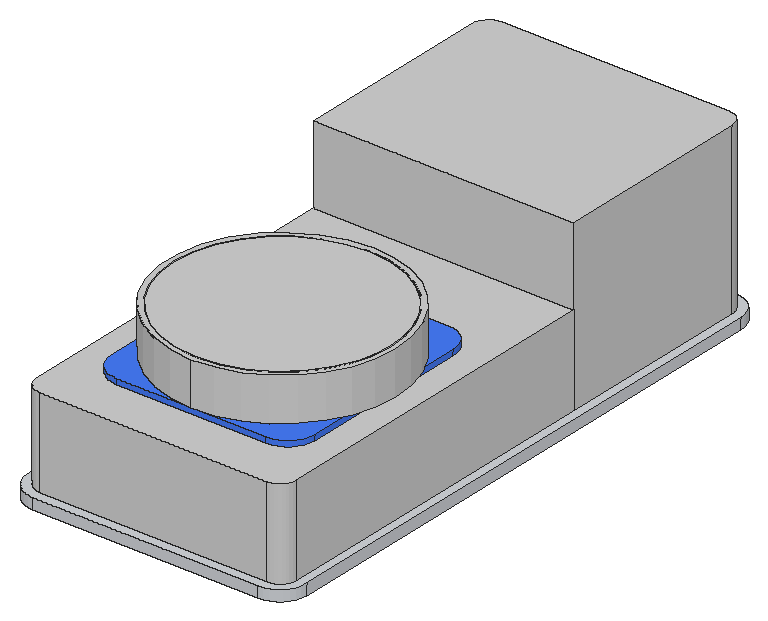
Revit family "Building-IEC309Connections-GEWISS-67IB-INTERLOCKED-SOCKET-OUTLETS_IP67_WITHOUT_BOTTOM_24V", category Apparecchi elettrici, host Superficie, Revit 2019
Family settings
  Host = Superficie
  Mantenere orientamento annotazione = Sì
  Quota connettore circolare = Usa diametro
  Tipo di parte = Normale
  Taglio con vuoti quando caricato = Sì
  Condiviso = Sì
  Punto di calcolo locali = Sì
Parameters (values of type "GW66359N -  160VA 2P 230/24V V.INT.SOCK.O.N.B.SBF")
  presa = Grigio RAL - 7035
  giallo = 0 mm
  dist_piano [instance] = 75 mm
  With back-mounting box = "No"
  Vista_2d_pianta [instance] = yes
  Version file RFA = "21.8"
  URL = "https://www.gewiss.com/ww/en"
  Typology = "Vertical"
  Thermo-pressure with ball = "125 °C"
  Technical sheet = "https://www.gewiss.com/ww/en/search?q=GW66359N"
  T2 = "24V"
  T1 = "230V"
  Struttura = Grigio RAL - 7035
  Simbolo presa = PRESAINDSTAGNA : 3P
  Simbolo [instance] = yes
  Simb_circuito [instance] = not(Simbolo)  # no
  Shock resistance = "IK08"
  SEO = "Socket outlet"
  Realized by GEWISS S.p.A. = ""
  Rated power = "160VA"
  Rated current (A) = "16"
  Protection = "Safety transformer"
  Default Elevation = 1219.2 mm
  Produttore = "GEWISS S.p.A."
  Product in stock = ""
  Output voltage = "20-25 V"
  Operating temperature: = "-25 +40 °C"
  No. of poles = "2P"
  Modello = "GW66359N"
  Immagine tipo = <Nessuno>
  IP degree = "IP67"
  IDT = "71bc45dc67804a6f91b0e4192ede9dae"
  IDF = "d0a0e1f0-d297-4b0e-81e3-45a49ddc2956"
  Glow wire test: = "850 °C"
  Frequency = "50Hz"
  Electrocod = "2222"
  Distanza x [instance] = 500 mm
  Distanza orizzontale simbolo [instance] = 0 mm
  Distanza effettiva x [instance] = 1500 mm - Distanza x  # 1000 mm
  Description = " 160VA 2P 230/24V V.INT.SOCK.O.N.B.SBF"
  Corpo presa = Light Blue
  Cornice simbolo [instance] = yes
  Colour: = "Violet"
  Catalogue = "BUILDING"
  COBie.Tagnumber = ""
  COBie.CreatedOn = ""
  COBie.CreatebBy = ""
  COBie.ComponentRegisterItemID = ""
  COBie.Component.TagNumber = ""
  COBie.Component.Space = ""
  COBie.Component.SerialNumber = ""
  COBie.Component.InstallationDate = ""
  COBie.Component.Description = ""
  COBie.Component.BarCode = ""
Reference planes
  plane 1 "Centro (Fronte/Retro)": y = 0
  plane 2: z = 0
  plane 3 "Centro (Sinistra/Destra)": x = 0
  plane 4: z = -2
  plane 5: x = -500
  plane 6: x = -1500
  plane 7: x = -500
  plane 8: through (-170.762, -4572, -38.353) normal (-0.6157, 0, 0.788)
  plane 9: z = 108
  plane 10: z = 73
  plane 11: z = 155
Lines and regions (mm)
  Masking region 1, visible <- "Vista_2d_pianta"
    outline origin (0, 0, 0) x (1, 0, 0) y (0, 0, 1)
      loop
        line (-50.384, 138) -> (-50.384, 108) -> (52.616, 108) -> (52.616, 138) -> (-50.384, 138)
  Masking region 2, visible <- "Vista_2d_pianta"
    outline origin (0, 0, 0) x (1, 0, 0) y (0, 0, 1)
      loop
        line (-40, 144) -> (-40, 138) -> (40, 138) -> (40, 144) -> (-40, 144)
  Masking region 3, visible <- "Vista_2d_pianta"
    outline origin (0, 0, 0) x (1, 0, 0) y (0, 0, 1)
      loop
        line (-46.899, 144) -> (41.5, 144) -> (41.5, 154) -> (-46.899, 154) -> (-46.899, 144)
  Masking region 4, visible <- "Vista_2d_pianta"
    outline origin (0, 0, 0) x (1, 0, 0) y (0, 0, 1)
      loop
        line (-51.152, 73) -> (53.222, 73) -> (53.222, 108) -> (-51.152, 108) -> (-51.152, 73)
Dimensions and locks
  locked: plane 2 to plane 4 at 2
  plane 6 to plane 5 = 1000 mm
  "Distanza effettiva x": plane 6 to plane 7
  "dist_piano": plane 10 to plane 4
  locked: plane 9 to plane 10 at 35
  locked: plane 11 to plane 9 at 47
  angle plane 8 to plane 4 = 142.00°
  angle plane 7 to plane 8 = 128.00°
  aligned and locked: plane 2 to host face
  aligned and locked: level to host face
  aligned and locked: plane 7 to nested 1
  aligned and locked: plane 7 to nested 2
  aligned and locked: plane 1 "Centro (Fronte/Retro)" to nested 3
  aligned and locked: plane 3 "Centro (Sinistra/Destra)" to nested 3
Automatic sketch dimensions
  host sketch curve to host sketch curve = 2438.4 mm  (x2)
  Masking region 3 sketch curve to plane 11 = 11 mm
  Masking region 3 sketch curve to plane 11 = 1 mm
  Masking region 1 sketch curve to plane 9 = 0 mm
  Masking region 1 sketch curve to plane 11 = 17 mm
  Masking region 2 sketch curve to plane 11 = 17 mm
  Masking region 2 sketch curve to Masking region 2 sketch curve = 6 mm
  Masking region 1 sketch curve to plane 3 "Centro (Sinistra/Destra)" = 50.384 mm
  plane 3 "Centro (Sinistra/Destra)" to Masking region 1 sketch curve = 52.616 mm
  Masking region 2 sketch curve to plane 3 "Centro (Sinistra/Destra)" = 40 mm
  plane 3 "Centro (Sinistra/Destra)" to Masking region 2 sketch curve = 40 mm
  Masking region 3 sketch curve to plane 3 "Centro (Sinistra/Destra)" = 46.899 mm
  plane 3 "Centro (Sinistra/Destra)" to Masking region 3 sketch curve = 41.5 mm
  Masking region 4 sketch curve to plane 9 = 0 mm
  Masking region 4 sketch curve to plane 10 = 0 mm
  Masking region 4 sketch curve to plane 3 "Centro (Sinistra/Destra)" = 51.152 mm
  plane 3 "Centro (Sinistra/Destra)" to Masking region 4 sketch curve = 53.222 mm
Nested families
  nested 1: "simbolo_circuito" at (-500, 30.442, 0), Distanza dal muro <- "Distanza orizzontale simbolo", SIMBOLO ACCESO <- "Simb_circuito", type "3P"
    with SIMBOLO ACCESO no, Distanza dal muro 0 mm, BORDO ACCESO yes
  nested 2: "PRESAINDSTAGNA" at (-500, 23.722, 0), Distanza dal muro <- "Distanza orizzontale simbolo", type "3P"
    with Distanza dal muro 0 mm
  nested 3: "67IB PRESE INTERBLOC VERT NO FONDO 24V IP67_BASE" at (-51.5, 0, 0), type "67IB PRESE INTERBLOC VERT NO FONDO 24V IP67_BASE"
Connectors
  electrical at (0, 110, 0)
    settings: on nested 3, index 1, voltage 0 V, apparent load 0 VA, apparent load phase1 0 VA, apparent load phase2 0 VA, apparent load phase3 0 VA, power factor 1, load classification "Altro", number of poles 1, system type 31, power factor state 1, is connector primary yes, connector utility no, sub classification motor no, connector description ""
Definition of nested family "67IB PRESE INTERBLOC VERT NO FONDO 24V IP67_BASE"
  Parameters (values of type "67IB PRESE INTERBLOC VERT NO FONDO 24V IP67_BASE")
    corpo presa = none
    Struttura = none
    Spessore = 30 mm
    Re = Raggio + 2 mm  # 42 mm
    Raggio = 40 mm
    Default Elevation = 14 mm
    Presa = none
    Larghezza = 103 mm
    IFC.TypeObject = ""
    IFC.ExportType = ""
    IFC.ExportAs = ""
    H_da terra = 586.883 mm
    COBie.CreatedOn = ""
    COBie.CreatebBy = ""
    COBie.ComponentRegisterItemID = ""
    COBie.Component.TagNumber = ""
    COBie.Component.Space = ""
    COBie.Component.SerialNumber = ""
    COBie.Component.InstallationDate = ""
    COBie.Component.Description = ""
    COBie.Component.BarCode = ""
    Altezza = 220 mm
  Reference planes
    plane 1 "Centro (Fronte/Retro)": y = 0
    plane 2: z = 0
    plane 3 "Centro (Sinistra/Destra)": x = 0
    plane 4: x = 103
    plane 5: y = 220
    plane 6: y = 216.384
    plane 7: x = 99.384
    plane 8: x = 3.616
    plane 9: y = 3.616
    plane 10: z = 4
    plane 11: y = 137.537
    plane 12: z = 66
    plane 13: z = 37
    plane 14: y = 104.865
    plane 15: x = 14
    plane 16: y = 21.126
    plane 17: x = 89
    plane 18: z = 39
    plane 19: z = 55
    plane 20: x = 51.5
    plane 21: y = 62.995
  Forms (mm)
    Extrusion 1, solid
      sketch origin (0, 0, 46) x (0, -1, 0) y (1, 0, 0)
        loop
          line (-210, 0) -> (-10, 0)
          arc (-10, 0) -> (-2.929, 2.929) -> (0, 10) r 10
          line (0, 10) -> (0, 93)
          arc (0, 93) -> (-2.929, 100.071) -> (-10, 103) r 10
          line (-10, 103) -> (-210, 103)
          arc (-210, 103) -> (-217.071, 100.071) -> (-220, 93) r 10
          line (-220, 93) -> (-220, 10)
          arc (-220, 10) -> (-217.071, 2.929) -> (-210, 0) r 10
        loop
          arc (-9.616, 3.616) -> (-5.373, 5.373) -> (-3.616, 9.616) r 6
          line (-3.616, 9.616) -> (-3.616, 93.384)
          arc (-3.616, 93.384) -> (-5.373, 97.627) -> (-9.616, 99.384) r 6
          line (-9.616, 99.384) -> (-210.384, 99.384)
          arc (-210.384, 99.384) -> (-214.627, 97.627) -> (-216.384, 93.384) r 6
          line (-216.384, 93.384) -> (-216.384, 9.989)
          arc (-216.384, 9.989) -> (-214.518, 5.482) -> (-210.011, 3.616) r 6.373
          line (-210.011, 3.616) -> (-9.616, 3.616)
      from -46 to -42
    Extrusion 2, solid, material <- "Struttura"
      sketch origin (0, 0, 46) x (0, -1, 0) y (1, 0, 0)
        loop
          line (-137.537, 99.384) -> (-137.537, 3.616) -> (-9.616, 3.616)
          arc (-9.616, 3.616) -> (-5.373, 5.373) -> (-3.616, 9.616) r 6
          line (-3.616, 9.616) -> (-3.616, 93.384)
          arc (-3.616, 93.384) -> (-5.373, 97.627) -> (-9.616, 99.384) r 6
          line (-9.616, 99.384) -> (-137.537, 99.384)
      from -46 to -9
    Extrusion 3, solid, material <- "Struttura"
      sketch origin (0, 0, 46) x (0, -1, 0) y (1, 0, 0)
        loop
          line (-137.537, 3.616) -> (-137.537, 99.384) -> (-210.384, 99.384)
          arc (-210.384, 99.384) -> (-214.627, 97.627) -> (-216.384, 93.384) r 6
          line (-216.384, 93.384) -> (-216.384, 9.616)
          arc (-216.384, 9.616) -> (-214.627, 5.373) -> (-210.384, 3.616) r 6
          line (-210.384, 3.616) -> (-137.537, 3.616)
      from -46 to 20
    Extrusion 4, solid, material <- "corpo presa"
      sketch origin (0, 0, 46) x (0, -1, 0) y (1, 0, 0)
        loop
          line (-94.865, 14) -> (-31.126, 14)
          arc (-31.126, 14) -> (-24.055, 16.929) -> (-21.126, 24) r 10
          line (-21.126, 24) -> (-21.126, 79)
          arc (-21.126, 79) -> (-24.055, 86.071) -> (-31.126, 89) r 10
          line (-31.126, 89) -> (-94.865, 89)
          arc (-94.865, 89) -> (-101.936, 86.071) -> (-104.865, 79) r 10
          line (-104.865, 79) -> (-104.865, 24)
          arc (-104.865, 24) -> (-101.936, 16.929) -> (-94.865, 14) r 10
      from -9 to -7
    Extrusion 5, solid, material <- "Presa"
      sketch origin (0, 0, 46) x (0, -1, 0) y (1, 0, 0)
        loop
          circle (-62.995, 51.5) r 40
        loop
          circle (-62.995, 51.5) r 42
      from -7 to 9
    Extrusion 6, solid, material <- "Presa"
      sketch origin (0, 0, 46) x (0, -1, 0) y (1, 0, 0)
        loop
          circle (-62.995, 51.5) r 40
      from -7 to 9
  Dimensions and locks
    plane 3 "Centro (Sinistra/Destra)" to plane 4 = 103 mm
    plane 1 "Centro (Fronte/Retro)" to plane 5 = 220 mm
    locked: plane 7 to plane 4 at 3.616
    locked: plane 5 to plane 6 at 3.616
    locked: plane 3 "Centro (Sinistra/Destra)" to plane 8 at 3.616
    locked: plane 1 "Centro (Fronte/Retro)" to plane 9 at 3.616
    locked: plane 10 to level at 4
    "Larghezza": plane 3 "Centro (Sinistra/Destra)" to plane 4
    "Altezza": plane 1 "Centro (Fronte/Retro)" to plane 5
    locked: plane 9 to plane 11 at 133.921
    plane 12 to plane 10 = 62 mm
    locked: plane 13 to level at 37
    locked: plane 1 "Centro (Fronte/Retro)" to plane 16 at 21.126
    locked: plane 16 to plane 14 at 83.739
    locked: plane 18 to plane 13 at 2
    locked: plane 19 to plane 18 at 16
    radius of Extrusion 1 sketch curve = 10 mm  (x3)
    radius of Extrusion 1 sketch curve = 6.373 mm
    radius of Extrusion 1 sketch curve = 6 mm  (x2)
    radius of Extrusion 2 sketch curve = 6 mm  (x2)
    radius of Extrusion 3 sketch curve = 6 mm  (x2)
    radius of Extrusion 4 sketch curve = 10 mm  (x4)
    "Raggio": radius of Extrusion 5 sketch curve
    "Re": radius of Extrusion 5 sketch curve
    "Raggio": radius of Extrusion 6 sketch curve
    aligned and locked: level to plane 2
    aligned and locked: Extrusion 1 sketch curve to plane 3 "Centro (Sinistra/Destra)"
    aligned and locked: Extrusion 1 sketch curve to plane 8
    aligned and locked: Extrusion 1 sketch curve to plane 5
    aligned and locked: Extrusion 1 sketch curve to plane 6
    aligned and locked: Extrusion 1 sketch curve to plane 4
    aligned and locked: Extrusion 1 sketch curve to plane 7
    aligned and locked: Extrusion 1 sketch curve to plane 1 "Centro (Fronte/Retro)"
    aligned and locked: Extrusion 1 sketch curve to plane 9
    aligned and locked: Extrusion 1 to level
    aligned and locked: plane 10 to Extrusion 1
    aligned and locked: Extrusion 2 sketch curve to plane 11
    aligned and locked: Extrusion 2 sketch curve to plane 8
    aligned and locked: Extrusion 2 sketch curve to plane 7
    aligned and locked: Extrusion 2 sketch curve to plane 9
    aligned and locked: Extrusion 2 to level
    aligned and locked: Extrusion 3 sketch curve to plane 8
    aligned and locked: Extrusion 3 sketch curve to plane 7
    aligned and locked: Extrusion 3 sketch curve to plane 6
    aligned and locked: Extrusion 3 sketch curve to plane 11
    aligned and locked: Extrusion 3 to level
    aligned and locked: plane 12 to Extrusion 3
    aligned and locked: plane 13 to Extrusion 2
    aligned and locked: Extrusion 4 sketch curve to plane 15
    aligned and locked: Extrusion 4 sketch curve to plane 16
    aligned and locked: Extrusion 4 sketch curve to plane 14
    aligned and locked: Extrusion 4 sketch curve to plane 17
    aligned and locked: Extrusion 4 to plane 13
    aligned and locked: Extrusion 4 to plane 18
    aligned and locked: Extrusion 5 to plane 18
    aligned and locked: Extrusion 5 to plane 19
    aligned and locked: Extrusion 6 to plane 18
    aligned and locked: Extrusion 6 to plane 19
  Automatic sketch dimensions
    Extrusion 1 sketch curve to plane 6 = 6 mm
    Extrusion 1 sketch curve to Extrusion 1 sketch curve = 0.384 mm
    Extrusion 5 sketch curve to Extrusion 5 sketch curve = 0 mm  (x2)
    Extrusion 5 sketch curve to plane 20 = 0 mm
    plane 21 to Extrusion 5 sketch curve = 0 mm
    Extrusion 6 sketch curve to plane 20 = 0 mm
    plane 21 to Extrusion 6 sketch curve = 0 mm
Definition of nested family "simbolo_circuito"
  Parameters (values of type "3P")
    SIMBOLO ACCESO [instance] = yes
    SIMBOLO = PRESAINDSTAGNA_BASE : 3P
    Distanza dal muro [instance] = 0 mm
    BORDO ACCESO [instance] = yes
  Reference planes
    plane 1: y = 0
    plane 2: x = 0
  Dimensions and locks
    "Distanza dal muro": plane 1 to nested 1
    aligned and locked: plane 2 to nested 1
  Nested families
    nested 1: "simb_base_di circuito" at (0, 0, 0), visible <- "SIMBOLO ACCESO", type "3P"
      with CORNICE SIMBOLO yes
  Definition of nested family "simb_base_di circuito"
    Parameters (values of type "3P")
      CORNICE SIMBOLO [instance] = yes
      3P = yes
    Types (2, lengths in mm): name | 3P
      3P | yes
      2P | no
    Reference planes
      plane 1: y = 0
      plane 2: x = 0
    Lines and regions (mm)
      detail lines, not visible
        curve 1: line (-2.443, 10.208, 0) -> (2.057, 10.208, 0)
        curve 2: line (2.057, 10.208, 0) -> (2.057, 4.208, 0)
        curve 3: line (2.057, 4.208, 0) -> (-2.443, 4.208, 0)
        curve 4: line (-2.443, 4.208, 0) -> (-2.443, 10.208, 0)
        curve 5: line (-2.043, 9.808, 0) -> (1.657, 9.808, 0)
        curve 6: line (1.657, 9.808, 0) -> (1.657, 4.608, 0)
        curve 7: line (1.657, 4.608, 0) -> (-2.043, 4.608, 0)
        curve 8: line (-2.043, 4.608, 0) -> (-2.043, 9.808, 0)
    Dimensions and locks
      aligned and locked: import instance to plane 2
      aligned and locked: plane 1 to import instance
Definition of nested family "PRESAINDSTAGNA"
  Parameters (values of type "3P")
    t2 = ""
    t1 = ""
    Distanza dal muro [instance] = 10 mm
  Reference planes
    plane 1: y = 0
    plane 2: x = 0
  Dimensions and locks
    "Distanza dal muro": plane 1 to nested 1
    aligned and locked: plane 2 to nested 1
  Nested families
    nested 1: "simb_b" at (0, 10, 0), type "2P"
  Definition of nested family "simb_b"
    Parameters (values of type "3P")
      t2 = ""
      Testo = ""
      CORNICE SIMBOLO [instance] = yes
      3P = yes
    Types (2, lengths in mm): name | 3P
      3P | yes
      2P | no
    Reference planes
      plane 1: y = 0
      plane 2: x = 0
    Lines and regions (mm)
      detail lines, not visible
        curve 1: line (-2.443, 10.208, 0) -> (2.057, 10.208, 0)
        curve 2: line (2.057, 10.208, 0) -> (2.057, 4.208, 0)
        curve 3: line (2.057, 4.208, 0) -> (-2.443, 4.208, 0)
        curve 4: line (-2.443, 4.208, 0) -> (-2.443, 10.208, 0)
        curve 5: line (-2.043, 9.808, 0) -> (1.657, 9.808, 0)
        curve 6: line (1.657, 9.808, 0) -> (1.657, 4.608, 0)
        curve 7: line (1.657, 4.608, 0) -> (-2.043, 4.608, 0)
        curve 8: line (-2.043, 4.608, 0) -> (-2.043, 9.808, 0)
      detail lines
        curve 9: circle (0.312, 4.751, 0) r 0.074 normal (0, 0, 1)
        curve 10: arc (0.447, 0.778, 0) -> (0, 1.225, 0) -> (-0.447, 0.778, 0) r 0.447
        curve 11: line (-0.312, 4.688, 0) -> (0.312, 4.959, 0)
        curve 12: line (-0.312, 4.481, 0) -> (0.312, 4.751, 0)
        curve 13: line (-0.447, 1.225, 0) -> (0.447, 1.225, 0)
        curve 14: line (0, 2.302, 0) -> (0, 1.225, 0)
        curve 15: line (0, 5.167, 0) -> (0, 3.862, 0)
        curve 16: circle (0, 3.381, 0) r 0.48 normal (0, 0, 1)
        curve 17: circle (0, 2.783, 0) r 0.48 normal (0, 0, 1)
    Text (mm)
      label "Testo" at (-0.037, 5.499, 0), shows "Testo"
      label "t2" at (-0.037, 0.723, 0), shows "t2"
